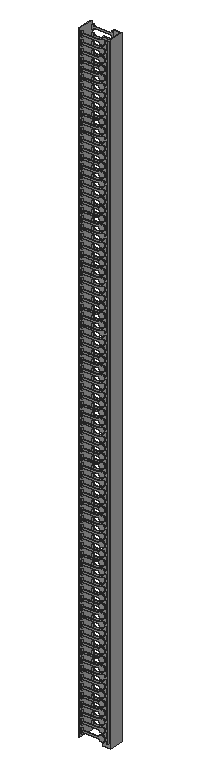
Revit family "ITK by ZPAS_Кабель-органайзер вертикальный_42U", category Обобщенные модели, Revit 2019
Family settings
  Может служить основой для арматурных стержней = Нет
  Размер круглого соединителя = Использовать диаметр
  Тип детали = Нормальный
  На основе рабочей плоскости = Нет
  Всегда вертикально = Да
  При загрузке вырезать с полостями = Нет
  Общий = Нет
  Точка расчета площади = Нет
Parameters (values of type "В1866,9_Черный")
  Ширина = 80 mm  # constant formula
  Степень защиты = ""
  Материал = Окраска - RAL 9005
  Изготовитель = "ITK"  # constant formula
  Дата изменения = ""
  Глубина = 44 mm  # constant formula
  Высота = 1866.9 mm  # constant formula
  Тип монтажа = ""
  URL = "https://www.iek.ru/"
  KSI_CPr_Строительные изделия = "61.1.04.08"  # constant formula
  KSI_CMa_Строительные материалы = "10.03.02.06"  # constant formula
  IEK_Цена за единицу = 16177.9  # constant formula
  IEK_Поиск в таблице имен = ""
  IEK_Описание = "Крепится без инструментов к 19-дюймовым монтажным профилям."
  IEK_URL = "https://www.itk-group.ru/produktsiya/catalog/oborudovanie_telekommunikatsionnoe/kompleksnye_resheniya_dlya_tsod/shkafy_i_aksessuary_dlya_tsod/komplektuyushchie_i_aksessuary_dlya_shkafov_itk_by_zpas/kabelnye_organizatory_itk_by_zpas/itk_by_zpas_kabel_organayzer_vertikalnyy_42u_800_chernyy"
  ADSK_Примечание = ""
  ADSK_Позиция [instance] = ""
  ADSK_Наименование = "ITK by ZPAS Кабель-органайзер вертикальный 42U 800 черный"
  ADSK_Материал обозначение = ""
  ADSK_Материал наименование = "Листовая сталь"  # constant formula
  ADSK_Масса = 5  # constant formula
  ADSK_Марка = "by ZPAS"  # constant formula
  ADSK_Код изделия = "ZP-CC05-42U-V-0800"
  ADSK_Завод-изготовитель = "IEK"  # constant formula
  ADSK_Единица измерения = "шт"  # constant formula
  ADSK_Группирование = "I. ЩИТЫ И ПУЛЬТЫ"  # constant formula
  ADSK_Версия семейства = "1.0"  # constant formula
  ADSK_Версия Revit = "2019"  # constant formula
  ADSK_URL страницы изделия = "https://www.itk-group.ru/produktsiya/catalog/oborudovanie_telekommunikatsionnoe/kompleksnye_resheniya_dlya_tsod/shkafy_i_aksessuary_dlya_tsod/komplektuyushchie_i_aksessuary_dlya_shkafov_itk_by_zpas/kreplenie_itk_by_zpas/"
Reference planes
  plane 1 "По центру (Вперед/Назад)": y = 0
  plane 2: z = 0
  plane 3 "По центру (Влево/Вправо)": x = 0
  plane 4: z = 2066.9
  plane 5: y = -44.063
  plane 6: x = -45.46
  plane 7: x = 45.46
Forms (mm)
  Extrusion 1, solid, material "Окраска - RAL 9005" <- "Материал", detail levels fine
    sketch origin (20, -38.063, 0) x (1, 0, 0) y (0, 1, 0)
      loop
        line (23.43, 34.085) -> (23.43, -2.022) -> (3.43, -2.022) -> (3.43, -3.968) -> (25.46, -3.968) -> (25.46, 36.032) -> (3.43, 36.032) -> (3.43, 34.085) -> (23.43, 34.085)
      loop
        line (-65.46, 34.085) -> (-65.46, -6) -> (-63.43, -6) -> (-63.43, 38.063) -> (-65.46, 38.063) -> (-65.46, 34.085)
    from 0 to 1866.9 <- "Высота"
  Extrusion 2, solid, material "Условный материал-отделка", detail levels coarse+medium
    sketch origin (0, 0, 0) x (1, 0, 0) y (0, 1, 0)
      loop
        line (-45.46, 0) -> (-45.46, -44.063) -> (45.46, -44.063) -> (45.46, 0) -> (-45.46, 0)
    from 0 to 1866.9 <- "Высота"
  Extrusion 3, solid, material "Окраска - RAL 9005" <- "Материал", detail levels fine
    sketch origin (26.57, -38.063, 0) x (1, 0, 0) y (0, 0, 1)
      loop
        line (-63.537, 1850) -> (-13.537, 1850) -> (-10, 1845) -> (0, 1845) -> (3.537, 1850) -> (10, 1850) -> (10, 1831.772) -> (3.537, 1831.772) -> (0, 1836.772) -> (-10, 1836.772) -> (-13.537, 1831.772) -> (-63.537, 1831.772) -> (-63.537, 1836.772) -> (-70, 1836.772) -> (-70, 1821.772) -> (-63.537, 1821.772) -> (-63.537, 1826.772) -> (-13.537, 1826.772) -> (-10, 1821.772) -> (0, 1821.772) -> (3.537, 1826.772) -> (10, 1826.772) -> (10, 1808.544) -> (3.537, 1808.544) -> (0, 1813.544) -> (-10, 1813.544) -> (-13.537, 1808.544) -> (-63.537, 1808.544) -> (-63.537, 1813.544) -> (-70, 1813.544) -> (-70, 1798.544) -> (-63.537, 1798.544) -> (-63.537, 1803.544) -> (-13.537, 1803.544) -> (-10, 1798.544) -> (0, 1798.544) -> (3.537, 1803.544) -> (10, 1803.544) -> (10, 1785.316) -> (3.537, 1785.316) -> (0, 1790.316) -> (-10, 1790.316) -> (-13.537, 1785.316) -> (-63.537, 1785.316) -> (-63.537, 1790.316) -> (-70, 1790.316) -> (-70, 1775.316) -> (-63.537, 1775.316) -> (-63.537, 1780.316) -> (-13.537, 1780.316) -> (-10, 1775.316) -> (0, 1775.316) -> (3.537, 1780.316) -> (10, 1780.316) -> (10, 1762.089) -> (3.537, 1762.089) -> (0, 1767.089) -> (-10, 1767.089) -> (-13.537, 1762.089) -> (-63.537, 1762.089) -> (-63.537, 1767.089) -> (-70, 1767.089) -> (-70, 1752.089) -> (-63.537, 1752.089) -> (-63.537, 1757.089) -> (-13.537, 1757.089) -> (-10, 1752.089) -> (0, 1752.089) -> (3.537, 1757.089) -> (10, 1757.089) -> (10, 1738.861) -> (3.537, 1738.861) -> (0, 1743.861) -> (-10, 1743.861) -> (-13.537, 1738.861) -> (-63.537, 1738.861) -> (-63.537, 1743.861) -> (-70, 1743.861) -> (-70, 1728.861) -> (-63.537, 1728.861) -> (-63.537, 1733.861) -> (-13.537, 1733.861) -> (-10, 1728.861) -> (0, 1728.861) -> (3.537, 1733.861) -> (10, 1733.861) -> (10, 1715.633) -> (3.537, 1715.633) -> (0, 1720.633) -> (-10, 1720.633) -> (-13.537, 1715.633) -> (-63.537, 1715.633) -> (-63.537, 1720.633) -> (-70, 1720.633) -> (-70, 1705.633) -> (-63.537, 1705.633) -> (-63.537, 1710.633) -> (-13.537, 1710.633) -> (-10, 1705.633) -> (0, 1705.633) -> (3.537, 1710.633) -> (10, 1710.633) -> (10, 1692.405) -> (3.537, 1692.405) -> (0, 1697.405) -> (-10, 1697.405) -> (-13.537, 1692.405) -> (-63.537, 1692.405) -> (-63.537, 1697.405) -> (-70, 1697.405) -> (-70, 1682.405) -> (-63.537, 1682.405) -> (-63.537, 1687.405) -> (-13.537, 1687.405) -> (-10, 1682.405) -> (0, 1682.405) -> (3.537, 1687.405) -> (10, 1687.405) -> (10, 1669.177) -> (3.537, 1669.177) -> (0, 1674.177) -> (-10, 1674.177) -> (-13.537, 1669.177) -> (-63.537, 1669.177) -> (-63.537, 1674.177) -> (-70, 1674.177) -> (-70, 1659.177) -> (-63.537, 1659.177) -> (-63.537, 1664.177) -> (-13.537, 1664.177) -> (-10, 1659.177) -> (0, 1659.177) -> (3.537, 1664.177) -> (10, 1664.177) -> (10, 1645.949) -> (3.537, 1645.949) -> (0, 1650.949) -> (-10, 1650.949) -> (-13.537, 1645.949) -> (-63.537, 1645.949) -> (-63.537, 1650.949) -> (-70, 1650.949) -> (-70, 1635.949) -> (-63.537, 1635.949) -> (-63.537, 1640.949) -> (-13.537, 1640.949) -> (-10, 1635.949) -> (0, 1635.949) -> (3.537, 1640.949) -> (10, 1640.949) -> (10, 1622.722) -> (3.537, 1622.722) -> (0, 1627.722) -> (-10, 1627.722) -> (-13.537, 1622.722) -> (-63.537, 1622.722) -> (-63.537, 1627.722) -> (-70, 1627.722) -> (-70, 1612.722) -> (-63.537, 1612.722) -> (-63.537, 1617.722) -> (-13.537, 1617.722) -> (-10, 1612.722) -> (0, 1612.722) -> (3.537, 1617.722) -> (10, 1617.722) -> (10, 1599.494) -> (3.537, 1599.494) -> (0, 1604.494) -> (-10, 1604.494) -> (-13.537, 1599.494) -> (-63.537, 1599.494) -> (-63.537, 1604.494) -> (-70, 1604.494) -> (-70, 1589.494) -> (-63.537, 1589.494) -> (-63.537, 1594.494) -> (-13.537, 1594.494) -> (-10, 1589.494) -> (0, 1589.494) -> (3.537, 1594.494) -> (10, 1594.494) -> (10, 1576.266) -> (3.537, 1576.266) -> (0, 1581.266) -> (-10, 1581.266) -> (-13.537, 1576.266) -> (-63.537, 1576.266) -> (-63.537, 1581.266) -> (-70, 1581.266) -> (-70, 1566.266) -> (-63.537, 1566.266) -> (-63.537, 1571.266) -> (-13.537, 1571.266) -> (-10, 1566.266) -> (0, 1566.266) -> (3.537, 1571.266) -> (10, 1571.266) -> (10, 1553.038) -> (3.537, 1553.038) -> (0, 1558.038) -> (-10, 1558.038) -> (-13.537, 1553.038) -> (-63.537, 1553.038) -> (-63.537, 1558.038) -> (-70, 1558.038) -> (-70, 1543.038) -> (-63.537, 1543.038) -> (-63.537, 1548.038) -> (-13.537, 1548.038) -> (-10, 1543.038) -> (0, 1543.038) -> (3.537, 1548.038) -> (10, 1548.038) -> (10, 1529.81) -> (3.537, 1529.81) -> (0, 1534.81) -> (-10, 1534.81) -> (-13.537, 1529.81) -> (-63.537, 1529.81) -> (-63.537, 1534.81) -> (-70, 1534.81) -> (-70, 1519.81) -> (-63.537, 1519.81) -> (-63.537, 1524.81) -> (-13.537, 1524.81) -> (-10, 1519.81) -> (0, 1519.81) -> (3.537, 1524.81) -> (10, 1524.81) -> (10, 1506.582) -> (3.537, 1506.582) -> (0, 1511.582) -> (-10, 1511.582) -> (-13.537, 1506.582) -> (-63.537, 1506.582) -> (-63.537, 1511.582) -> (-70, 1511.582) -> (-70, 1496.582) -> (-63.537, 1496.582) -> (-63.537, 1501.582) -> (-13.537, 1501.582) -> (-10, 1496.582) -> (0, 1496.582) -> (3.537, 1501.582) -> (10, 1501.582) -> (10, 1483.354) -> (3.537, 1483.354) -> (0, 1488.354) -> (-10, 1488.354) -> (-13.537, 1483.354) -> (-63.537, 1483.354) -> (-63.537, 1488.354) -> (-70, 1488.354) -> (-70, 1473.354) -> (-63.537, 1473.354) -> (-63.537, 1478.354) -> (-13.537, 1478.354) -> (-10, 1473.354) -> (0, 1473.354) -> (3.537, 1478.354) -> (10, 1478.354) -> (10, 1460.127) -> (3.537, 1460.127) -> (0, 1465.127) -> (-10, 1465.127) -> (-13.537, 1460.127) -> (-63.537, 1460.127) -> (-63.537, 1465.127) -> (-70, 1465.127) -> (-70, 1450.127) -> (-63.537, 1450.127) -> (-63.537, 1455.127) -> (-13.537, 1455.127) -> (-10, 1450.127) -> (0, 1450.127) -> (3.537, 1455.127) -> (10, 1455.127) -> (10, 1436.899) -> (3.537, 1436.899) -> (0, 1441.899) -> (-10, 1441.899) -> (-13.537, 1436.899) -> (-63.537, 1436.899) -> (-63.537, 1441.899) -> (-70, 1441.899) -> (-70, 1426.899) -> (-63.537, 1426.899) -> (-63.537, 1431.899) -> (-13.537, 1431.899) -> (-10, 1426.899) -> (0, 1426.899) -> (3.537, 1431.899) -> (10, 1431.899) -> (10, 1413.671) -> (3.537, 1413.671) -> (0, 1418.671) -> (-10, 1418.671) -> (-13.537, 1413.671) -> (-63.537, 1413.671) -> (-63.537, 1418.671) -> (-70, 1418.671) -> (-70, 1403.671) -> (-63.537, 1403.671) -> (-63.537, 1408.671) -> (-13.537, 1408.671) -> (-10, 1403.671) -> (0, 1403.671) -> (3.537, 1408.671) -> (10, 1408.671) -> (10, 1390.443) -> (3.537, 1390.443) -> (0, 1395.443) -> (-10, 1395.443) -> (-13.537, 1390.443) -> (-63.537, 1390.443) -> (-63.537, 1395.443) -> (-70, 1395.443) -> (-70, 1380.443) -> (-63.537, 1380.443) -> (-63.537, 1385.443) -> (-13.537, 1385.443) -> (-10, 1380.443) -> (0, 1380.443) -> (3.537, 1385.443) -> (10, 1385.443) -> (10, 1367.215) -> (3.537, 1367.215) -> (0, 1372.215) -> (-10, 1372.215) -> (-13.537, 1367.215) -> (-63.537, 1367.215) -> (-63.537, 1372.215) -> (-70, 1372.215) -> (-70, 1357.215) -> (-63.537, 1357.215) -> (-63.537, 1362.215) -> (-13.537, 1362.215) -> (-10, 1357.215) -> (0, 1357.215) -> (3.537, 1362.215) -> (10, 1362.215) -> (10, 1343.987) -> (3.537, 1343.987) -> (0, 1348.987) -> (-10, 1348.987) -> (-13.537, 1343.987) -> (-63.537, 1343.987) -> (-63.537, 1348.987) -> (-70, 1348.987) -> (-70, 1333.987) -> (-63.537, 1333.987) -> (-63.537, 1338.987) -> (-13.537, 1338.987) -> (-10, 1333.987) -> (0, 1333.987) -> (3.537, 1338.987) -> (10, 1338.987) -> (10, 1320.759) -> (3.537, 1320.759) -> (0, 1325.759) -> (-10, 1325.759) -> (-13.537, 1320.759) -> (-63.537, 1320.759) -> (-63.537, 1325.759) -> (-70, 1325.759) -> (-70, 1310.759) -> (-63.537, 1310.759) -> (-63.537, 1315.759) -> (-13.537, 1315.759) -> (-10, 1310.759) -> (0, 1310.759) -> (3.537, 1315.759) -> (10, 1315.759) -> (10, 1297.532) -> (3.537, 1297.532) -> (0, 1302.532) -> (-10, 1302.532) -> (-13.537, 1297.532) -> (-63.537, 1297.532) -> (-63.537, 1302.532) -> (-70, 1302.532) -> (-70, 1287.532) -> (-63.537, 1287.532) -> (-63.537, 1292.532) -> (-13.537, 1292.532) -> (-10, 1287.532) -> (0, 1287.532) -> (3.537, 1292.532) -> (10, 1292.532) -> (10, 1274.304) -> (3.537, 1274.304) -> (0, 1279.304) -> (-10, 1279.304) -> (-13.53
          7, 1274.304) -> (-63.537, 1274.304) -> (-63.537, 1279.304) -> (-70, 1279.304) -> (-70, 1264.304) -> (-63.537, 1264.304) -> (-63.537, 1269.304) -> (-13.537, 1269.304) -> (-10, 1264.304) -> (0, 1264.304) -> (3.537, 1269.304) -> (10, 1269.304) -> (10, 1251.076) -> (3.537, 1251.076) -> (0, 1256.076) -> (-10, 1256.076) -> (-13.537, 1251.076) -> (-63.537, 1251.076) -> (-63.537, 1256.076) -> (-70, 1256.076) -> (-70, 1241.076) -> (-63.537, 1241.076) -> (-63.537, 1246.076) -> (-13.537, 1246.076) -> (-10, 1241.076) -> (0, 1241.076) -> (3.537, 1246.076) -> (10, 1246.076) -> (10, 1227.848) -> (3.537, 1227.848) -> (0, 1232.848) -> (-10, 1232.848) -> (-13.537, 1227.848) -> (-63.537, 1227.848) -> (-63.537, 1232.848) -> (-70, 1232.848) -> (-70, 1217.848) -> (-63.537, 1217.848) -> (-63.537, 1222.848) -> (-13.537, 1222.848) -> (-10, 1217.848) -> (0, 1217.848) -> (3.537, 1222.848) -> (10, 1222.848) -> (10, 1204.62) -> (3.537, 1204.62) -> (0, 1209.62) -> (-10, 1209.62) -> (-13.537, 1204.62) -> (-63.537, 1204.62) -> (-63.537, 1209.62) -> (-70, 1209.62) -> (-70, 1194.62) -> (-63.537, 1194.62) -> (-63.537, 1199.62) -> (-13.537, 1199.62) -> (-10, 1194.62) -> (0, 1194.62) -> (3.537, 1199.62) -> (10, 1199.62) -> (10, 1181.392) -> (3.537, 1181.392) -> (0, 1186.392) -> (-10, 1186.392) -> (-13.537, 1181.392) -> (-63.537, 1181.392) -> (-63.537, 1186.392) -> (-70, 1186.392) -> (-70, 1171.392) -> (-63.537, 1171.392) -> (-63.537, 1176.392) -> (-13.537, 1176.392) -> (-10, 1171.392) -> (0, 1171.392) -> (3.537, 1176.392) -> (10, 1176.392) -> (10, 1158.165) -> (3.537, 1158.165) -> (0, 1163.165) -> (-10, 1163.165) -> (-13.537, 1158.165) -> (-63.537, 1158.165) -> (-63.537, 1163.165) -> (-70, 1163.165) -> (-70, 1148.165) -> (-63.537, 1148.165) -> (-63.537, 1153.165) -> (-13.537, 1153.165) -> (-10, 1148.165) -> (0, 1148.165) -> (3.537, 1153.165) -> (10, 1153.165) -> (10, 1134.937) -> (3.537, 1134.937) -> (0, 1139.937) -> (-10, 1139.937) -> (-13.537, 1134.937) -> (-63.537, 1134.937) -> (-63.537, 1139.937) -> (-70, 1139.937) -> (-70, 1124.937) -> (-63.537, 1124.937) -> (-63.537, 1129.937) -> (-13.537, 1129.937) -> (-10, 1124.937) -> (0, 1124.937) -> (3.537, 1129.937) -> (10, 1129.937) -> (10, 1111.709) -> (3.537, 1111.709) -> (0, 1116.709) -> (-10, 1116.709) -> (-13.537, 1111.709) -> (-63.537, 1111.709) -> (-63.537, 1116.709) -> (-70, 1116.709) -> (-70, 1101.709) -> (-63.537, 1101.709) -> (-63.537, 1106.709) -> (-13.537, 1106.709) -> (-10, 1101.709) -> (0, 1101.709) -> (3.537, 1106.709) -> (10, 1106.709) -> (10, 1088.481) -> (3.537, 1088.481) -> (0, 1093.481) -> (-10, 1093.481) -> (-13.537, 1088.481) -> (-63.537, 1088.481) -> (-63.537, 1093.481) -> (-70, 1093.481) -> (-70, 1078.481) -> (-63.537, 1078.481) -> (-63.537, 1083.481) -> (-13.537, 1083.481) -> (-10, 1078.481) -> (0, 1078.481) -> (3.537, 1083.481) -> (10, 1083.481) -> (10, 1065.253) -> (3.537, 1065.253) -> (0, 1070.253) -> (-10, 1070.253) -> (-13.537, 1065.253) -> (-63.537, 1065.253) -> (-63.537, 1070.253) -> (-70, 1070.253) -> (-70, 1055.253) -> (-63.537, 1055.253) -> (-63.537, 1060.253) -> (-13.537, 1060.253) -> (-10, 1055.253) -> (0, 1055.253) -> (3.537, 1060.253) -> (10, 1060.253) -> (10, 1042.025) -> (3.537, 1042.025) -> (0, 1047.025) -> (-10, 1047.025) -> (-13.537, 1042.025) -> (-63.537, 1042.025) -> (-63.537, 1047.025) -> (-70, 1047.025) -> (-70, 1032.025) -> (-63.537, 1032.025) -> (-63.537, 1037.025) -> (-13.537, 1037.025) -> (-10, 1032.025) -> (0, 1032.025) -> (3.537, 1037.025) -> (10, 1037.025) -> (10, 1018.797) -> (3.537, 1018.797) -> (0, 1023.797) -> (-10, 1023.797) -> (-13.537, 1018.797) -> (-63.537, 1018.797) -> (-63.537, 1023.797) -> (-70, 1023.797) -> (-70, 1008.797) -> (-63.537, 1008.797) -> (-63.537, 1013.797) -> (-13.537, 1013.797) -> (-10, 1008.797) -> (0, 1008.797) -> (3.537, 1013.797) -> (10, 1013.797) -> (10, 995.57) -> (3.537, 995.57) -> (0, 1000.57) -> (-10, 1000.57) -> (-13.537, 995.57) -> (-63.537, 995.57) -> (-63.537, 1000.57) -> (-70, 1000.57) -> (-70, 985.57) -> (-63.537, 985.57) -> (-63.537, 990.57) -> (-13.537, 990.57) -> (-10, 985.57) -> (0, 985.57) -> (3.537, 990.57) -> (10, 990.57) -> (10, 972.342) -> (3.537, 972.342) -> (0, 977.342) -> (-10, 977.342) -> (-13.537, 972.342) -> (-63.537, 972.342) -> (-63.537, 977.342) -> (-70, 977.342) -> (-70, 962.342) -> (-63.537, 962.342) -> (-63.537, 967.342) -> (-13.537, 967.342) -> (-10, 962.342) -> (0, 962.342) -> (3.537, 967.342) -> (10, 967.342) -> (10, 949.114) -> (3.537, 949.114) -> (0, 954.114) -> (-10, 954.114) -> (-13.537, 949.114) -> (-63.537, 949.114) -> (-63.537, 954.114) -> (-70, 954.114) -> (-70, 939.114) -> (-63.537, 939.114) -> (-63.537, 944.114) -> (-13.537, 944.114) -> (-10, 939.114) -> (0, 939.114) -> (3.537, 944.114) -> (10, 944.114) -> (10, 925.886) -> (3.537, 925.886) -> (0, 930.886) -> (-10, 930.886) -> (-13.537, 925.886) -> (-63.537, 925.886) -> (-63.537, 930.886) -> (-70, 930.886) -> (-70, 915.886) -> (-63.537, 915.886) -> (-63.537, 920.886) -> (-13.537, 920.886) -> (-10, 915.886) -> (0, 915.886) -> (3.537, 920.886) -> (10, 920.886) -> (10, 902.658) -> (3.537, 902.658) -> (0, 907.658) -> (-10, 907.658) -> (-13.537, 902.658) -> (-63.537, 902.658) -> (-63.537, 907.658) -> (-70, 907.658) -> (-70, 892.658) -> (-63.537, 892.658) -> (-63.537, 897.658) -> (-13.537, 897.658) -> (-10, 892.658) -> (0, 892.658) -> (3.537, 897.658) -> (10, 897.658) -> (10, 879.43) -> (3.537, 879.43) -> (0, 884.43) -> (-10, 884.43) -> (-13.537, 879.43) -> (-63.537, 879.43) -> (-63.537, 884.43) -> (-70, 884.43) -> (-70, 869.43) -> (-63.537, 869.43) -> (-63.537, 874.43) -> (-13.537, 874.43) -> (-10, 869.43) -> (0, 869.43) -> (3.537, 874.43) -> (10, 874.43) -> (10, 856.203) -> (3.537, 856.203) -> (0, 861.203) -> (-10, 861.203) -> (-13.537, 856.203) -> (-63.537, 856.203) -> (-63.537, 861.203) -> (-70, 861.203) -> (-70, 846.203) -> (-63.537, 846.203) -> (-63.537, 851.203) -> (-13.537, 851.203) -> (-10, 846.203) -> (0, 846.203) -> (3.537, 851.203) -> (10, 851.203) -> (10, 832.975) -> (3.537, 832.975) -> (0, 837.975) -> (-10, 837.975) -> (-13.537, 832.975) -> (-63.537, 832.975) -> (-63.537, 837.975) -> (-70, 837.975) -> (-70, 822.975) -> (-63.537, 822.975) -> (-63.537, 827.975) -> (-13.537, 827.975) -> (-10, 822.975) -> (0, 822.975) -> (3.537, 827.975) -> (10, 827.975) -> (10, 809.747) -> (3.537, 809.747) -> (0, 814.747) -> (-10, 814.747) -> (-13.537, 809.747) -> (-63.537, 809.747) -> (-63.537, 814.747) -> (-70, 814.747) -> (-70, 799.747) -> (-63.537, 799.747) -> (-63.537, 804.747) -> (-13.537, 804.747) -> (-10, 799.747) -> (0, 799.747) -> (3.537, 804.747) -> (10, 804.747) -> (10, 786.519) -> (3.537, 786.519) -> (0, 791.519) -> (-10, 791.519) -> (-13.537, 786.519) -> (-63.537, 786.519) -> (-63.537, 791.519) -> (-70, 791.519) -> (-70, 776.519) -> (-63.537, 776.519) -> (-63.537, 781.519) -> (-13.537, 781.519) -> (-10, 776.519) -> (0, 776.519) -> (3.537, 781.519) -> (10, 781.519) -> (10, 763.291) -> (3.537, 763.291) -> (0, 768.291) -> (-10, 768.291) -> (-13.537, 763.291) -> (-63.537, 763.291) -> (-63.537, 768.291) -> (-70, 768.291) -> (-70, 753.291) -> (-63.537, 753.291) -> (-63.537, 758.291) -> (-13.537, 758.291) -> (-10, 753.291) -> (0, 753.291) -> (3.537, 758.291) -> (10, 758.291) -> (10, 740.063) -> (3.537, 740.063) -> (0, 745.063) -> (-10, 745.063) -> (-13.537, 740.063) -> (-63.537, 740.063) -> (-63.537, 745.063) -> (-70, 745.063) -> (-70, 730.063) -> (-63.537, 730.063) -> (-63.537, 735.063) -> (-13.537, 735.063) -> (-10, 730.063) -> (0, 730.063) -> (3.537, 735.063) -> (10, 735.063) -> (10, 716.835) -> (3.537, 716.835) -> (0, 721.835) -> (-10, 721.835) -> (-13.537, 716.835) -> (-63.537, 716.835) -> (-63.537, 721.835) -> (-70, 721.835) -> (-70, 706.835) -> (-63.537, 706.835) -> (-63.537, 711.835) -> (-13.537, 711.835) -> (-10, 706.835) -> (0, 706.835) -> (3.537, 711.835) -> (10, 711.835) -> (10, 693.608) -> (3.537, 693.608) -> (0, 698.608) -> (-10, 698.608) -> (-13.537, 693.608) -> (-63.537, 693.608) -> (-63.537, 698.608) -> (-70, 698.608) -> (-70, 683.608) -> (-63.537, 6
          83.608) -> (-63.537, 688.608) -> (-13.537, 688.608) -> (-10, 683.608) -> (0, 683.608) -> (3.537, 688.608) -> (10, 688.608) -> (10, 670.38) -> (3.537, 670.38) -> (0, 675.38) -> (-10, 675.38) -> (-13.537, 670.38) -> (-63.537, 670.38) -> (-63.537, 675.38) -> (-70, 675.38) -> (-70, 660.38) -> (-63.537, 660.38) -> (-63.537, 665.38) -> (-13.537, 665.38) -> (-10, 660.38) -> (0, 660.38) -> (3.537, 665.38) -> (10, 665.38) -> (10, 647.152) -> (3.537, 647.152) -> (0, 652.152) -> (-10, 652.152) -> (-13.537, 647.152) -> (-63.537, 647.152) -> (-63.537, 652.152) -> (-70, 652.152) -> (-70, 637.152) -> (-63.537, 637.152) -> (-63.537, 642.152) -> (-13.537, 642.152) -> (-10, 637.152) -> (0, 637.152) -> (3.537, 642.152) -> (10, 642.152) -> (10, 623.924) -> (3.537, 623.924) -> (0, 628.924) -> (-10, 628.924) -> (-13.537, 623.924) -> (-63.537, 623.924) -> (-63.537, 628.924) -> (-70, 628.924) -> (-70, 613.924) -> (-63.537, 613.924) -> (-63.537, 618.924) -> (-13.537, 618.924) -> (-10, 613.924) -> (0, 613.924) -> (3.537, 618.924) -> (10, 618.924) -> (10, 600.696) -> (3.537, 600.696) -> (0, 605.696) -> (-10, 605.696) -> (-13.537, 600.696) -> (-63.537, 600.696) -> (-63.537, 605.696) -> (-70, 605.696) -> (-70, 590.696) -> (-63.537, 590.696) -> (-63.537, 595.696) -> (-13.537, 595.696) -> (-10, 590.696) -> (0, 590.696) -> (3.537, 595.696) -> (10, 595.696) -> (10, 577.468) -> (3.537, 577.468) -> (0, 582.468) -> (-10, 582.468) -> (-13.537, 577.468) -> (-63.537, 577.468) -> (-63.537, 582.468) -> (-70, 582.468) -> (-70, 567.468) -> (-63.537, 567.468) -> (-63.537, 572.468) -> (-13.537, 572.468) -> (-10, 567.468) -> (0, 567.468) -> (3.537, 572.468) -> (10, 572.468) -> (10, 554.241) -> (3.537, 554.241) -> (0, 559.241) -> (-10, 559.241) -> (-13.537, 554.241) -> (-63.537, 554.241) -> (-63.537, 559.241) -> (-70, 559.241) -> (-70, 544.241) -> (-63.537, 544.241) -> (-63.537, 549.241) -> (-13.537, 549.241) -> (-10, 544.241) -> (0, 544.241) -> (3.537, 549.241) -> (10, 549.241) -> (10, 531.013) -> (3.537, 531.013) -> (0, 536.013) -> (-10, 536.013) -> (-13.537, 531.013) -> (-63.537, 531.013) -> (-63.537, 536.013) -> (-70, 536.013) -> (-70, 521.013) -> (-63.537, 521.013) -> (-63.537, 526.013) -> (-13.537, 526.013) -> (-10, 521.013) -> (0, 521.013) -> (3.537, 526.013) -> (10, 526.013) -> (10, 507.785) -> (3.537, 507.785) -> (0, 512.785) -> (-10, 512.785) -> (-13.537, 507.785) -> (-63.537, 507.785) -> (-63.537, 512.785) -> (-70, 512.785) -> (-70, 497.785) -> (-63.537, 497.785) -> (-63.537, 502.785) -> (-13.537, 502.785) -> (-10, 497.785) -> (0, 497.785) -> (3.537, 502.785) -> (10, 502.785) -> (10, 484.557) -> (3.537, 484.557) -> (0, 489.557) -> (-10, 489.557) -> (-13.537, 484.557) -> (-63.537, 484.557) -> (-63.537, 489.557) -> (-70, 489.557) -> (-70, 474.557) -> (-63.537, 474.557) -> (-63.537, 479.557) -> (-13.537, 479.557) -> (-10, 474.557) -> (0, 474.557) -> (3.537, 479.557) -> (10, 479.557) -> (10, 461.329) -> (3.537, 461.329) -> (0, 466.329) -> (-10, 466.329) -> (-13.537, 461.329) -> (-63.537, 461.329) -> (-63.537, 466.329) -> (-70, 466.329) -> (-70, 451.329) -> (-63.537, 451.329) -> (-63.537, 456.329) -> (-13.537, 456.329) -> (-10, 451.329) -> (0, 451.329) -> (3.537, 456.329) -> (10, 456.329) -> (10, 438.101) -> (3.537, 438.101) -> (0, 443.101) -> (-10, 443.101) -> (-13.537, 438.101) -> (-63.537, 438.101) -> (-63.537, 443.101) -> (-70, 443.101) -> (-70, 428.101) -> (-63.537, 428.101) -> (-63.537, 433.101) -> (-13.537, 433.101) -> (-10, 428.101) -> (0, 428.101) -> (3.537, 433.101) -> (10, 433.101) -> (10, 414.873) -> (3.537, 414.873) -> (0, 419.873) -> (-10, 419.873) -> (-13.537, 414.873) -> (-63.537, 414.873) -> (-63.537, 419.873) -> (-70, 419.873) -> (-70, 404.873) -> (-63.537, 404.873) -> (-63.537, 409.873) -> (-13.537, 409.873) -> (-10, 404.873) -> (0, 404.873) -> (3.537, 409.873) -> (10, 409.873) -> (10, 391.646) -> (3.537, 391.646) -> (0, 396.646) -> (-10, 396.646) -> (-13.537, 391.646) -> (-63.537, 391.646) -> (-63.537, 396.646) -> (-70, 396.646) -> (-70, 381.646) -> (-63.537, 381.646) -> (-63.537, 386.646) -> (-13.537, 386.646) -> (-10, 381.646) -> (0, 381.646) -> (3.537, 386.646) -> (10, 386.646) -> (10, 368.418) -> (3.537, 368.418) -> (0, 373.418) -> (-10, 373.418) -> (-13.537, 368.418) -> (-63.537, 368.418) -> (-63.537, 373.418) -> (-70, 373.418) -> (-70, 358.418) -> (-63.537, 358.418) -> (-63.537, 363.418) -> (-13.537, 363.418) -> (-10, 358.418) -> (0, 358.418) -> (3.537, 363.418) -> (10, 363.418) -> (10, 345.19) -> (3.537, 345.19) -> (0, 350.19) -> (-10, 350.19) -> (-13.537, 345.19) -> (-63.537, 345.19) -> (-63.537, 350.19) -> (-70, 350.19) -> (-70, 335.19) -> (-63.537, 335.19) -> (-63.537, 340.19) -> (-13.537, 340.19) -> (-10, 335.19) -> (0, 335.19) -> (3.537, 340.19) -> (10, 340.19) -> (10, 321.962) -> (3.537, 321.962) -> (0, 326.962) -> (-10, 326.962) -> (-13.537, 321.962) -> (-63.537, 321.962) -> (-63.537, 326.962) -> (-70, 326.962) -> (-70, 311.962) -> (-63.537, 311.962) -> (-63.537, 316.962) -> (-13.537, 316.962) -> (-10, 311.962) -> (0, 311.962) -> (3.537, 316.962) -> (10, 316.962) -> (10, 298.734) -> (3.537, 298.734) -> (0, 303.734) -> (-10, 303.734) -> (-13.537, 298.734) -> (-63.537, 298.734) -> (-63.537, 303.734) -> (-70, 303.734) -> (-70, 288.734) -> (-63.537, 288.734) -> (-63.537, 293.734) -> (-13.537, 293.734) -> (-10, 288.734) -> (0, 288.734) -> (3.537, 293.734) -> (10, 293.734) -> (10, 275.506) -> (3.537, 275.506) -> (0, 280.506) -> (-10, 280.506) -> (-13.537, 275.506) -> (-63.537, 275.506) -> (-63.537, 280.506) -> (-70, 280.506) -> (-70, 265.506) -> (-63.537, 265.506) -> (-63.537, 270.506) -> (-13.537, 270.506) -> (-10, 265.506) -> (0, 265.506) -> (3.537, 270.506) -> (10, 270.506) -> (10, 252.278) -> (3.537, 252.278) -> (0, 257.278) -> (-10, 257.278) -> (-13.537, 252.278) -> (-63.537, 252.278) -> (-63.537, 257.278) -> (-70, 257.278) -> (-70, 242.278) -> (-63.537, 242.278) -> (-63.537, 247.278) -> (-13.537, 247.278) -> (-10, 242.278) -> (0, 242.278) -> (3.537, 247.278) -> (10, 247.278) -> (10, 229.051) -> (3.537, 229.051) -> (0, 234.051) -> (-10, 234.051) -> (-13.537, 229.051) -> (-63.537, 229.051) -> (-63.537, 234.051) -> (-70, 234.051) -> (-70, 219.051) -> (-63.537, 219.051) -> (-63.537, 224.051) -> (-13.537, 224.051) -> (-10, 219.051) -> (0, 219.051) -> (3.537, 224.051) -> (10, 224.051) -> (10, 205.823) -> (3.537, 205.823) -> (0, 210.823) -> (-10, 210.823) -> (-13.537, 205.823) -> (-63.537, 205.823) -> (-63.537, 210.823) -> (-70, 210.823) -> (-70, 195.823) -> (-63.537, 195.823) -> (-63.537, 200.823) -> (-13.537, 200.823) -> (-10, 195.823) -> (0, 195.823) -> (3.537, 200.823) -> (10, 200.823) -> (10, 182.595) -> (3.537, 182.595) -> (0, 187.595) -> (-10, 187.595) -> (-13.537, 182.595) -> (-63.537, 182.595) -> (-63.537, 187.595) -> (-70, 187.595) -> (-70, 172.595) -> (-63.537, 172.595) -> (-63.537, 177.595) -> (-13.537, 177.595) -> (-10, 172.595) -> (0, 172.595) -> (3.537, 177.595) -> (10, 177.595) -> (10, 159.367) -> (3.537, 159.367) -> (0, 164.367) -> (-10, 164.367) -> (-13.537, 159.367) -> (-63.537, 159.367) -> (-63.537, 164.367) -> (-70, 164.367) -> (-70, 149.367) -> (-63.537, 149.367) -> (-63.537, 154.367) -> (-13.537, 154.367) -> (-10, 149.367) -> (0, 149.367) -> (3.537, 154.367) -> (10, 154.367) -> (10, 136.139) -> (3.537, 136.139) -> (0, 141.139) -> (-10, 141.139) -> (-13.537, 136.139) -> (-63.537, 136.139) -> (-63.537, 141.139) -> (-70, 141.139) -> (-70, 126.139) -> (-63.537, 126.139) -> (-63.537, 131.139) -> (-13.537, 131.139) -> (-10, 126.139) -> (0, 126.139) -> (3.537, 131.139) -> (10, 131.139) -> (10, 112.911) -> (3.537, 112.911) -> (0, 117.911) -> (-10, 117.911) -> (-13.537, 112.911) -> (-63.537, 112.911) -> (-63.537, 117.911) -> (-70, 117.911) -> (-70, 102.911) -> (-63.537, 102.911) -> (-63.537, 107.911) -> (-13.537, 107.911) -> (-10, 102.911) -> (0, 102.911) -> (3.537, 107.911) -> (10, 107.911) -> (10, 89.684) -> (3.537, 89.684) -> (0, 94.684) -> (-10, 94.684) -> (-13.537, 89.684) -> (-63.537, 89.684) -> (-63.537, 94.684) -> (-70, 94.684) -> (-70, 79.
          684) -> (-63.537, 79.684) -> (-63.537, 84.684) -> (-13.537, 84.684) -> (-10, 79.684) -> (0, 79.684) -> (3.537, 84.684) -> (10, 84.684) -> (10, 66.456) -> (3.537, 66.456) -> (0, 71.456) -> (-10, 71.456) -> (-13.537, 66.456) -> (-63.537, 66.456) -> (-63.537, 71.456) -> (-70, 71.456) -> (-70, 56.456) -> (-63.537, 56.456) -> (-63.537, 61.456) -> (-13.537, 61.456) -> (-10, 56.456) -> (0, 56.456) -> (3.537, 61.456) -> (10, 61.456) -> (10, 43.228) -> (3.537, 43.228) -> (0, 48.228) -> (-10, 48.228) -> (-13.537, 43.228) -> (-63.537, 43.228) -> (-63.537, 48.228) -> (-70, 48.228) -> (-70, 33.228) -> (-63.537, 33.228) -> (-63.537, 38.228) -> (-13.537, 38.228) -> (-10, 33.228) -> (0, 33.228) -> (3.537, 38.228) -> (10, 38.228) -> (10, 20) -> (3.537, 20) -> (0, 25) -> (-10, 25) -> (-13.537, 20) -> (-63.537, 20) -> (-63.537, 25) -> (-70, 25) -> (-70, 10) -> (-63.537, 10) -> (-63.537, 15) -> (-13.537, 15) -> (-10, 10) -> (0, 10) -> (3.537, 15) -> (10, 15) -> (10, 10) -> (13.43, 10) -> (13.43, 1860) -> (10, 1860) -> (10, 1855) -> (3.537, 1855) -> (0, 1860) -> (-10, 1860) -> (-13.537, 1855) -> (-63.537, 1855) -> (-63.537, 1860) -> (-70, 1860) -> (-70, 1845) -> (-63.537, 1845) -> (-63.537, 1850)
    from 3.968 to 6
  Extrusion 4, solid, material "Окраска - RAL 9005" <- "Материал", detail levels fine
    sketch origin (26.57, 3.968, 0) x (1, 0, 0) y (0, 0, 1)
      loop
        line (-63.537, 1850) -> (-13.537, 1850) -> (-10, 1845) -> (0, 1845) -> (3.537, 1850) -> (10, 1850) -> (10, 1831.772) -> (3.537, 1831.772) -> (0, 1836.772) -> (-10, 1836.772) -> (-13.537, 1831.772) -> (-63.537, 1831.772) -> (-63.537, 1836.772) -> (-70, 1836.772) -> (-70, 1821.772) -> (-63.537, 1821.772) -> (-63.537, 1826.772) -> (-13.537, 1826.772) -> (-10, 1821.772) -> (0, 1821.772) -> (3.537, 1826.772) -> (10, 1826.772) -> (10, 1808.544) -> (3.537, 1808.544) -> (0, 1813.544) -> (-10, 1813.544) -> (-13.537, 1808.544) -> (-63.537, 1808.544) -> (-63.537, 1813.544) -> (-70, 1813.544) -> (-70, 1798.544) -> (-63.537, 1798.544) -> (-63.537, 1803.544) -> (-13.537, 1803.544) -> (-10, 1798.544) -> (0, 1798.544) -> (3.537, 1803.544) -> (10, 1803.544) -> (10, 1785.316) -> (3.537, 1785.316) -> (0, 1790.316) -> (-10, 1790.316) -> (-13.537, 1785.316) -> (-63.537, 1785.316) -> (-63.537, 1790.316) -> (-70, 1790.316) -> (-70, 1775.316) -> (-63.537, 1775.316) -> (-63.537, 1780.316) -> (-13.537, 1780.316) -> (-10, 1775.316) -> (0, 1775.316) -> (3.537, 1780.316) -> (10, 1780.316) -> (10, 1762.089) -> (3.537, 1762.089) -> (0, 1767.089) -> (-10, 1767.089) -> (-13.537, 1762.089) -> (-63.537, 1762.089) -> (-63.537, 1767.089) -> (-70, 1767.089) -> (-70, 1752.089) -> (-63.537, 1752.089) -> (-63.537, 1757.089) -> (-13.537, 1757.089) -> (-10, 1752.089) -> (0, 1752.089) -> (3.537, 1757.089) -> (10, 1757.089) -> (10, 1738.861) -> (3.537, 1738.861) -> (0, 1743.861) -> (-10, 1743.861) -> (-13.537, 1738.861) -> (-63.537, 1738.861) -> (-63.537, 1743.861) -> (-70, 1743.861) -> (-70, 1728.861) -> (-63.537, 1728.861) -> (-63.537, 1733.861) -> (-13.537, 1733.861) -> (-10, 1728.861) -> (0, 1728.861) -> (3.537, 1733.861) -> (10, 1733.861) -> (10, 1715.633) -> (3.537, 1715.633) -> (0, 1720.633) -> (-10, 1720.633) -> (-13.537, 1715.633) -> (-63.537, 1715.633) -> (-63.537, 1720.633) -> (-70, 1720.633) -> (-70, 1705.633) -> (-63.537, 1705.633) -> (-63.537, 1710.633) -> (-13.537, 1710.633) -> (-10, 1705.633) -> (0, 1705.633) -> (3.537, 1710.633) -> (10, 1710.633) -> (10, 1692.405) -> (3.537, 1692.405) -> (0, 1697.405) -> (-10, 1697.405) -> (-13.537, 1692.405) -> (-63.537, 1692.405) -> (-63.537, 1697.405) -> (-70, 1697.405) -> (-70, 1682.405) -> (-63.537, 1682.405) -> (-63.537, 1687.405) -> (-13.537, 1687.405) -> (-10, 1682.405) -> (0, 1682.405) -> (3.537, 1687.405) -> (10, 1687.405) -> (10, 1669.177) -> (3.537, 1669.177) -> (0, 1674.177) -> (-10, 1674.177) -> (-13.537, 1669.177) -> (-63.537, 1669.177) -> (-63.537, 1674.177) -> (-70, 1674.177) -> (-70, 1659.177) -> (-63.537, 1659.177) -> (-63.537, 1664.177) -> (-13.537, 1664.177) -> (-10, 1659.177) -> (0, 1659.177) -> (3.537, 1664.177) -> (10, 1664.177) -> (10, 1645.949) -> (3.537, 1645.949) -> (0, 1650.949) -> (-10, 1650.949) -> (-13.537, 1645.949) -> (-63.537, 1645.949) -> (-63.537, 1650.949) -> (-70, 1650.949) -> (-70, 1635.949) -> (-63.537, 1635.949) -> (-63.537, 1640.949) -> (-13.537, 1640.949) -> (-10, 1635.949) -> (0, 1635.949) -> (3.537, 1640.949) -> (10, 1640.949) -> (10, 1622.722) -> (3.537, 1622.722) -> (0, 1627.722) -> (-10, 1627.722) -> (-13.537, 1622.722) -> (-63.537, 1622.722) -> (-63.537, 1627.722) -> (-70, 1627.722) -> (-70, 1612.722) -> (-63.537, 1612.722) -> (-63.537, 1617.722) -> (-13.537, 1617.722) -> (-10, 1612.722) -> (0, 1612.722) -> (3.537, 1617.722) -> (10, 1617.722) -> (10, 1599.494) -> (3.537, 1599.494) -> (0, 1604.494) -> (-10, 1604.494) -> (-13.537, 1599.494) -> (-63.537, 1599.494) -> (-63.537, 1604.494) -> (-70, 1604.494) -> (-70, 1589.494) -> (-63.537, 1589.494) -> (-63.537, 1594.494) -> (-13.537, 1594.494) -> (-10, 1589.494) -> (0, 1589.494) -> (3.537, 1594.494) -> (10, 1594.494) -> (10, 1576.266) -> (3.537, 1576.266) -> (0, 1581.266) -> (-10, 1581.266) -> (-13.537, 1576.266) -> (-63.537, 1576.266) -> (-63.537, 1581.266) -> (-70, 1581.266) -> (-70, 1566.266) -> (-63.537, 1566.266) -> (-63.537, 1571.266) -> (-13.537, 1571.266) -> (-10, 1566.266) -> (0, 1566.266) -> (3.537, 1571.266) -> (10, 1571.266) -> (10, 1553.038) -> (3.537, 1553.038) -> (0, 1558.038) -> (-10, 1558.038) -> (-13.537, 1553.038) -> (-63.537, 1553.038) -> (-63.537, 1558.038) -> (-70, 1558.038) -> (-70, 1543.038) -> (-63.537, 1543.038) -> (-63.537, 1548.038) -> (-13.537, 1548.038) -> (-10, 1543.038) -> (0, 1543.038) -> (3.537, 1548.038) -> (10, 1548.038) -> (10, 1529.81) -> (3.537, 1529.81) -> (0, 1534.81) -> (-10, 1534.81) -> (-13.537, 1529.81) -> (-63.537, 1529.81) -> (-63.537, 1534.81) -> (-70, 1534.81) -> (-70, 1519.81) -> (-63.537, 1519.81) -> (-63.537, 1524.81) -> (-13.537, 1524.81) -> (-10, 1519.81) -> (0, 1519.81) -> (3.537, 1524.81) -> (10, 1524.81) -> (10, 1506.582) -> (3.537, 1506.582) -> (0, 1511.582) -> (-10, 1511.582) -> (-13.537, 1506.582) -> (-63.537, 1506.582) -> (-63.537, 1511.582) -> (-70, 1511.582) -> (-70, 1496.582) -> (-63.537, 1496.582) -> (-63.537, 1501.582) -> (-13.537, 1501.582) -> (-10, 1496.582) -> (0, 1496.582) -> (3.537, 1501.582) -> (10, 1501.582) -> (10, 1483.354) -> (3.537, 1483.354) -> (0, 1488.354) -> (-10, 1488.354) -> (-13.537, 1483.354) -> (-63.537, 1483.354) -> (-63.537, 1488.354) -> (-70, 1488.354) -> (-70, 1473.354) -> (-63.537, 1473.354) -> (-63.537, 1478.354) -> (-13.537, 1478.354) -> (-10, 1473.354) -> (0, 1473.354) -> (3.537, 1478.354) -> (10, 1478.354) -> (10, 1460.127) -> (3.537, 1460.127) -> (0, 1465.127) -> (-10, 1465.127) -> (-13.537, 1460.127) -> (-63.537, 1460.127) -> (-63.537, 1465.127) -> (-70, 1465.127) -> (-70, 1450.127) -> (-63.537, 1450.127) -> (-63.537, 1455.127) -> (-13.537, 1455.127) -> (-10, 1450.127) -> (0, 1450.127) -> (3.537, 1455.127) -> (10, 1455.127) -> (10, 1436.899) -> (3.537, 1436.899) -> (0, 1441.899) -> (-10, 1441.899) -> (-13.537, 1436.899) -> (-63.537, 1436.899) -> (-63.537, 1441.899) -> (-70, 1441.899) -> (-70, 1426.899) -> (-63.537, 1426.899) -> (-63.537, 1431.899) -> (-13.537, 1431.899) -> (-10, 1426.899) -> (0, 1426.899) -> (3.537, 1431.899) -> (10, 1431.899) -> (10, 1413.671) -> (3.537, 1413.671) -> (0, 1418.671) -> (-10, 1418.671) -> (-13.537, 1413.671) -> (-63.537, 1413.671) -> (-63.537, 1418.671) -> (-70, 1418.671) -> (-70, 1403.671) -> (-63.537, 1403.671) -> (-63.537, 1408.671) -> (-13.537, 1408.671) -> (-10, 1403.671) -> (0, 1403.671) -> (3.537, 1408.671) -> (10, 1408.671) -> (10, 1390.443) -> (3.537, 1390.443) -> (0, 1395.443) -> (-10, 1395.443) -> (-13.537, 1390.443) -> (-63.537, 1390.443) -> (-63.537, 1395.443) -> (-70, 1395.443) -> (-70, 1380.443) -> (-63.537, 1380.443) -> (-63.537, 1385.443) -> (-13.537, 1385.443) -> (-10, 1380.443) -> (0, 1380.443) -> (3.537, 1385.443) -> (10, 1385.443) -> (10, 1367.215) -> (3.537, 1367.215) -> (0, 1372.215) -> (-10, 1372.215) -> (-13.537, 1367.215) -> (-63.537, 1367.215) -> (-63.537, 1372.215) -> (-70, 1372.215) -> (-70, 1357.215) -> (-63.537, 1357.215) -> (-63.537, 1362.215) -> (-13.537, 1362.215) -> (-10, 1357.215) -> (0, 1357.215) -> (3.537, 1362.215) -> (10, 1362.215) -> (10, 1343.987) -> (3.537, 1343.987) -> (0, 1348.987) -> (-10, 1348.987) -> (-13.537, 1343.987) -> (-63.537, 1343.987) -> (-63.537, 1348.987) -> (-70, 1348.987) -> (-70, 1333.987) -> (-63.537, 1333.987) -> (-63.537, 1338.987) -> (-13.537, 1338.987) -> (-10, 1333.987) -> (0, 1333.987) -> (3.537, 1338.987) -> (10, 1338.987) -> (10, 1320.759) -> (3.537, 1320.759) -> (0, 1325.759) -> (-10, 1325.759) -> (-13.537, 1320.759) -> (-63.537, 1320.759) -> (-63.537, 1325.759) -> (-70, 1325.759) -> (-70, 1310.759) -> (-63.537, 1310.759) -> (-63.537, 1315.759) -> (-13.537, 1315.759) -> (-10, 1310.759) -> (0, 1310.759) -> (3.537, 1315.759) -> (10, 1315.759) -> (10, 1297.532) -> (3.537, 1297.532) -> (0, 1302.532) -> (-10, 1302.532) -> (-13.537, 1297.532) -> (-63.537, 1297.532) -> (-63.537, 1302.532) -> (-70, 1302.532) -> (-70, 1287.532) -> (-63.537, 1287.532) -> (-63.537, 1292.532) -> (-13.537, 1292.532) -> (-10, 1287.532) -> (0, 1287.532) -> (3.537, 1292.532) -> (10, 1292.532) -> (10, 1274.304) -> (3.537, 1274.304) -> (0, 1279.304) -> (-10, 1279.304) -> (-13.53
          7, 1274.304) -> (-63.537, 1274.304) -> (-63.537, 1279.304) -> (-70, 1279.304) -> (-70, 1264.304) -> (-63.537, 1264.304) -> (-63.537, 1269.304) -> (-13.537, 1269.304) -> (-10, 1264.304) -> (0, 1264.304) -> (3.537, 1269.304) -> (10, 1269.304) -> (10, 1251.076) -> (3.537, 1251.076) -> (0, 1256.076) -> (-10, 1256.076) -> (-13.537, 1251.076) -> (-63.537, 1251.076) -> (-63.537, 1256.076) -> (-70, 1256.076) -> (-70, 1241.076) -> (-63.537, 1241.076) -> (-63.537, 1246.076) -> (-13.537, 1246.076) -> (-10, 1241.076) -> (0, 1241.076) -> (3.537, 1246.076) -> (10, 1246.076) -> (10, 1227.848) -> (3.537, 1227.848) -> (0, 1232.848) -> (-10, 1232.848) -> (-13.537, 1227.848) -> (-63.537, 1227.848) -> (-63.537, 1232.848) -> (-70, 1232.848) -> (-70, 1217.848) -> (-63.537, 1217.848) -> (-63.537, 1222.848) -> (-13.537, 1222.848) -> (-10, 1217.848) -> (0, 1217.848) -> (3.537, 1222.848) -> (10, 1222.848) -> (10, 1204.62) -> (3.537, 1204.62) -> (0, 1209.62) -> (-10, 1209.62) -> (-13.537, 1204.62) -> (-63.537, 1204.62) -> (-63.537, 1209.62) -> (-70, 1209.62) -> (-70, 1194.62) -> (-63.537, 1194.62) -> (-63.537, 1199.62) -> (-13.537, 1199.62) -> (-10, 1194.62) -> (0, 1194.62) -> (3.537, 1199.62) -> (10, 1199.62) -> (10, 1181.392) -> (3.537, 1181.392) -> (0, 1186.392) -> (-10, 1186.392) -> (-13.537, 1181.392) -> (-63.537, 1181.392) -> (-63.537, 1186.392) -> (-70, 1186.392) -> (-70, 1171.392) -> (-63.537, 1171.392) -> (-63.537, 1176.392) -> (-13.537, 1176.392) -> (-10, 1171.392) -> (0, 1171.392) -> (3.537, 1176.392) -> (10, 1176.392) -> (10, 1158.165) -> (3.537, 1158.165) -> (0, 1163.165) -> (-10, 1163.165) -> (-13.537, 1158.165) -> (-63.537, 1158.165) -> (-63.537, 1163.165) -> (-70, 1163.165) -> (-70, 1148.165) -> (-63.537, 1148.165) -> (-63.537, 1153.165) -> (-13.537, 1153.165) -> (-10, 1148.165) -> (0, 1148.165) -> (3.537, 1153.165) -> (10, 1153.165) -> (10, 1134.937) -> (3.537, 1134.937) -> (0, 1139.937) -> (-10, 1139.937) -> (-13.537, 1134.937) -> (-63.537, 1134.937) -> (-63.537, 1139.937) -> (-70, 1139.937) -> (-70, 1124.937) -> (-63.537, 1124.937) -> (-63.537, 1129.937) -> (-13.537, 1129.937) -> (-10, 1124.937) -> (0, 1124.937) -> (3.537, 1129.937) -> (10, 1129.937) -> (10, 1111.709) -> (3.537, 1111.709) -> (0, 1116.709) -> (-10, 1116.709) -> (-13.537, 1111.709) -> (-63.537, 1111.709) -> (-63.537, 1116.709) -> (-70, 1116.709) -> (-70, 1101.709) -> (-63.537, 1101.709) -> (-63.537, 1106.709) -> (-13.537, 1106.709) -> (-10, 1101.709) -> (0, 1101.709) -> (3.537, 1106.709) -> (10, 1106.709) -> (10, 1088.481) -> (3.537, 1088.481) -> (0, 1093.481) -> (-10, 1093.481) -> (-13.537, 1088.481) -> (-63.537, 1088.481) -> (-63.537, 1093.481) -> (-70, 1093.481) -> (-70, 1078.481) -> (-63.537, 1078.481) -> (-63.537, 1083.481) -> (-13.537, 1083.481) -> (-10, 1078.481) -> (0, 1078.481) -> (3.537, 1083.481) -> (10, 1083.481) -> (10, 1065.253) -> (3.537, 1065.253) -> (0, 1070.253) -> (-10, 1070.253) -> (-13.537, 1065.253) -> (-63.537, 1065.253) -> (-63.537, 1070.253) -> (-70, 1070.253) -> (-70, 1055.253) -> (-63.537, 1055.253) -> (-63.537, 1060.253) -> (-13.537, 1060.253) -> (-10, 1055.253) -> (0, 1055.253) -> (3.537, 1060.253) -> (10, 1060.253) -> (10, 1042.025) -> (3.537, 1042.025) -> (0, 1047.025) -> (-10, 1047.025) -> (-13.537, 1042.025) -> (-63.537, 1042.025) -> (-63.537, 1047.025) -> (-70, 1047.025) -> (-70, 1032.025) -> (-63.537, 1032.025) -> (-63.537, 1037.025) -> (-13.537, 1037.025) -> (-10, 1032.025) -> (0, 1032.025) -> (3.537, 1037.025) -> (10, 1037.025) -> (10, 1018.797) -> (3.537, 1018.797) -> (0, 1023.797) -> (-10, 1023.797) -> (-13.537, 1018.797) -> (-63.537, 1018.797) -> (-63.537, 1023.797) -> (-70, 1023.797) -> (-70, 1008.797) -> (-63.537, 1008.797) -> (-63.537, 1013.797) -> (-13.537, 1013.797) -> (-10, 1008.797) -> (0, 1008.797) -> (3.537, 1013.797) -> (10, 1013.797) -> (10, 995.57) -> (3.537, 995.57) -> (0, 1000.57) -> (-10, 1000.57) -> (-13.537, 995.57) -> (-63.537, 995.57) -> (-63.537, 1000.57) -> (-70, 1000.57) -> (-70, 985.57) -> (-63.537, 985.57) -> (-63.537, 990.57) -> (-13.537, 990.57) -> (-10, 985.57) -> (0, 985.57) -> (3.537, 990.57) -> (10, 990.57) -> (10, 972.342) -> (3.537, 972.342) -> (0, 977.342) -> (-10, 977.342) -> (-13.537, 972.342) -> (-63.537, 972.342) -> (-63.537, 977.342) -> (-70, 977.342) -> (-70, 962.342) -> (-63.537, 962.342) -> (-63.537, 967.342) -> (-13.537, 967.342) -> (-10, 962.342) -> (0, 962.342) -> (3.537, 967.342) -> (10, 967.342) -> (10, 949.114) -> (3.537, 949.114) -> (0, 954.114) -> (-10, 954.114) -> (-13.537, 949.114) -> (-63.537, 949.114) -> (-63.537, 954.114) -> (-70, 954.114) -> (-70, 939.114) -> (-63.537, 939.114) -> (-63.537, 944.114) -> (-13.537, 944.114) -> (-10, 939.114) -> (0, 939.114) -> (3.537, 944.114) -> (10, 944.114) -> (10, 925.886) -> (3.537, 925.886) -> (0, 930.886) -> (-10, 930.886) -> (-13.537, 925.886) -> (-63.537, 925.886) -> (-63.537, 930.886) -> (-70, 930.886) -> (-70, 915.886) -> (-63.537, 915.886) -> (-63.537, 920.886) -> (-13.537, 920.886) -> (-10, 915.886) -> (0, 915.886) -> (3.537, 920.886) -> (10, 920.886) -> (10, 902.658) -> (3.537, 902.658) -> (0, 907.658) -> (-10, 907.658) -> (-13.537, 902.658) -> (-63.537, 902.658) -> (-63.537, 907.658) -> (-70, 907.658) -> (-70, 892.658) -> (-63.537, 892.658) -> (-63.537, 897.658) -> (-13.537, 897.658) -> (-10, 892.658) -> (0, 892.658) -> (3.537, 897.658) -> (10, 897.658) -> (10, 879.43) -> (3.537, 879.43) -> (0, 884.43) -> (-10, 884.43) -> (-13.537, 879.43) -> (-63.537, 879.43) -> (-63.537, 884.43) -> (-70, 884.43) -> (-70, 869.43) -> (-63.537, 869.43) -> (-63.537, 874.43) -> (-13.537, 874.43) -> (-10, 869.43) -> (0, 869.43) -> (3.537, 874.43) -> (10, 874.43) -> (10, 856.203) -> (3.537, 856.203) -> (0, 861.203) -> (-10, 861.203) -> (-13.537, 856.203) -> (-63.537, 856.203) -> (-63.537, 861.203) -> (-70, 861.203) -> (-70, 846.203) -> (-63.537, 846.203) -> (-63.537, 851.203) -> (-13.537, 851.203) -> (-10, 846.203) -> (0, 846.203) -> (3.537, 851.203) -> (10, 851.203) -> (10, 832.975) -> (3.537, 832.975) -> (0, 837.975) -> (-10, 837.975) -> (-13.537, 832.975) -> (-63.537, 832.975) -> (-63.537, 837.975) -> (-70, 837.975) -> (-70, 822.975) -> (-63.537, 822.975) -> (-63.537, 827.975) -> (-13.537, 827.975) -> (-10, 822.975) -> (0, 822.975) -> (3.537, 827.975) -> (10, 827.975) -> (10, 809.747) -> (3.537, 809.747) -> (0, 814.747) -> (-10, 814.747) -> (-13.537, 809.747) -> (-63.537, 809.747) -> (-63.537, 814.747) -> (-70, 814.747) -> (-70, 799.747) -> (-63.537, 799.747) -> (-63.537, 804.747) -> (-13.537, 804.747) -> (-10, 799.747) -> (0, 799.747) -> (3.537, 804.747) -> (10, 804.747) -> (10, 786.519) -> (3.537, 786.519) -> (0, 791.519) -> (-10, 791.519) -> (-13.537, 786.519) -> (-63.537, 786.519) -> (-63.537, 791.519) -> (-70, 791.519) -> (-70, 776.519) -> (-63.537, 776.519) -> (-63.537, 781.519) -> (-13.537, 781.519) -> (-10, 776.519) -> (0, 776.519) -> (3.537, 781.519) -> (10, 781.519) -> (10, 763.291) -> (3.537, 763.291) -> (0, 768.291) -> (-10, 768.291) -> (-13.537, 763.291) -> (-63.537, 763.291) -> (-63.537, 768.291) -> (-70, 768.291) -> (-70, 753.291) -> (-63.537, 753.291) -> (-63.537, 758.291) -> (-13.537, 758.291) -> (-10, 753.291) -> (0, 753.291) -> (3.537, 758.291) -> (10, 758.291) -> (10, 740.063) -> (3.537, 740.063) -> (0, 745.063) -> (-10, 745.063) -> (-13.537, 740.063) -> (-63.537, 740.063) -> (-63.537, 745.063) -> (-70, 745.063) -> (-70, 730.063) -> (-63.537, 730.063) -> (-63.537, 735.063) -> (-13.537, 735.063) -> (-10, 730.063) -> (0, 730.063) -> (3.537, 735.063) -> (10, 735.063) -> (10, 716.835) -> (3.537, 716.835) -> (0, 721.835) -> (-10, 721.835) -> (-13.537, 716.835) -> (-63.537, 716.835) -> (-63.537, 721.835) -> (-70, 721.835) -> (-70, 706.835) -> (-63.537, 706.835) -> (-63.537, 711.835) -> (-13.537, 711.835) -> (-10, 706.835) -> (0, 706.835) -> (3.537, 711.835) -> (10, 711.835) -> (10, 693.608) -> (3.537, 693.608) -> (0, 698.608) -> (-10, 698.608) -> (-13.537, 693.608) -> (-63.537, 693.608) -> (-63.537, 698.608) -> (-70, 698.608) -> (-70, 683.608) -> (-63.537, 6
